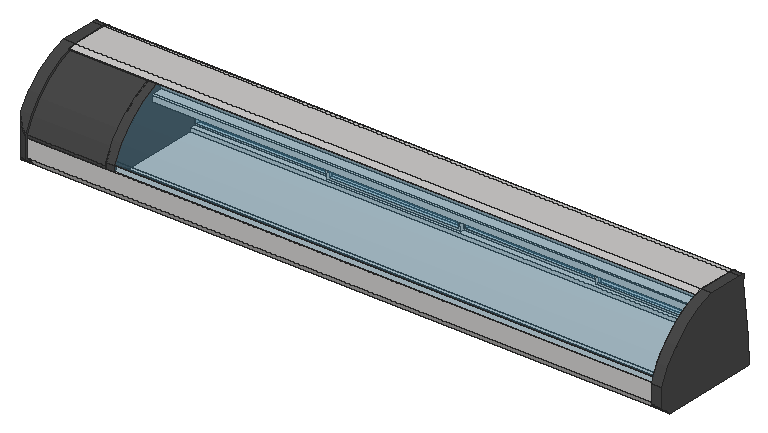
Revit family "QF_EVEREST_ESC83L", category Specialty Equipment, Revit 2015
Parameters (values of type "ESC83L")
  Weight in Pounds = 143
  Watts = if(Phase = 3, Volts * FL Amps * 1.73, Volts * FL Amps)  # 172.5 W
  Volts = 115 V
  URL Cutsheet = ""
  Specification by User = ""
  Specification by Manufacturer = ""
  Show Clearance [instance] = yes
  Show 4 Inches Back Splash [instance] = yes
  Serial Number = ""
  Seismic Rating = ""
  SMACNA No = ""
  Revision Code = ""
  Refrigerant Type [instance] = "R290"
  Phase = 1
  Number of Poles = 1
  NAFEM Spec ID Number = ""
  Model = "ESC83L"
  Min Ckt Ampacity = 0 A
  Max Overcurrent Protection = 0 A
  Masterspec = ""
  Manufacturer = "EVEREST"
  Length = 2100.00 mm
  Item Number = ""
  Installed By = ""
  Identify Quantity as Lot = yes
  Height = 283.00 mm
  HP = "1/8"
  Furnished By = ""
  Foodservice Equipment Identifier = yes
  FL Amps = 1.5 A
  Electrical Remarks = ""
  Electric Connection Type = ""
  Elec Conn RI Height = 0.00 mm
  Elec Conn Connection Height = 0.00 mm
  Description = "COUNTERTOP REFRIGERATED DISPLAY CASE"
  Depth = 349.00 mm
  Cycle = 60 Hz
  Conn Plug = "NEMA 5-15P"
  Conn Conduit = yes
  CSI MasterFormat = ""
  Base Height [instance] = if(Show 5 Inches Caster, 125.00 mm, 64.00 mm)  # 125.00 mm
  BTUH [instance] = 1211.0 Btu/h
  Apparent Power = if(Phase = 3, Volts * FL Amps * 1.73, Volts * FL Amps)  # 172.5 VA
  Show 5 Inches Caster [instance] = not(Show 2.5 Inches Caster)  # yes
  Show 2.5 Inches Caster [instance] = no
Reference planes
  plane 1 "BACK": y = 0
  plane 2: z = 0
  plane 3 "LEFT": x = 0
  plane 4 "RIGHT": x = 2100
  plane 5 "FRONT": y = -349
  plane 6 "TOP": z = 283
  plane 7 "Center Y": x = 1050
  plane 8 "Center X": y = -174.5
  plane 9: z = 8
  plane 10: z = 33
  plane 11: z = 95
  plane 12: y = -19
  plane 13: y = -149
  plane 14: x = 1192.75
  plane 15: x = 2065
  plane 16: x = 1628.875
  plane 17: x = 756.625
Forms (mm)
  Extrusion 1, solid, material "QF_Plastic - Black - Coarse Textured"
    sketch origin (0, 0, 0) x (0, 1, 0) y (0, 0, 1)
      loop
        line (0, 9.5) -> (0, 91.234) -> (-20.748, 259.241)
        arc (-20.748, 259.241) -> (-20.763, 259.811) -> (-20.671, 260.374) r 3
        arc (-20.671, 260.374) -> (-18.826, 269.44) -> (-18.029, 278.658) r 80.818
        arc (-18.029, 278.658) -> (-18.635, 280.519) -> (-20.285, 281.571) r 2.901
        arc (-20.285, 281.571) -> (-26.602, 282.642) -> (-33, 283) r 57.29
        line (-33, 283) -> (-149, 283)
        arc (-149, 283) -> (-271.831, 213.288) -> (-349, 95) r 299.198
        line (-349, 95) -> (-349, 34.921)
        arc (-349, 34.921) -> (-348.544, 33.304) -> (-347.311, 32.163) r 3.096
        arc (-347.311, 32.163) -> (-331.731, 21.751) -> (-319, 8) r 80
        line (-319, 8) -> (-1.5, 8)
        arc (-1.5, 8) -> (-0.439, 8.439) -> (0, 9.5) r 1.5
    from 0 to 35
  Extrusion 2, solid, material "QF_Plastic - Black - Coarse Textured"
    sketch origin (2100, 0, 0) x (0, -1, 0) y (0, 0, 1)
      loop
        arc (0, 9.5) -> (0.439, 8.439) -> (1.5, 8) r 1.5
        line (1.5, 8) -> (319, 8)
        arc (319, 8) -> (331.731, 21.751) -> (347.311, 32.163) r 80
        arc (347.311, 32.163) -> (348.544, 33.304) -> (349, 34.921) r 3.096
        line (349, 34.921) -> (349, 95)
        arc (349, 95) -> (271.831, 213.288) -> (149, 283) r 299.198
        line (149, 283) -> (33, 283)
        arc (33, 283) -> (26.602, 282.642) -> (20.285, 281.571) r 57.29
        arc (20.285, 281.571) -> (18.635, 280.519) -> (18.029, 278.658) r 2.901
        arc (18.029, 278.658) -> (18.826, 269.44) -> (20.671, 260.374) r 80.818
        arc (20.671, 260.374) -> (20.763, 259.811) -> (20.748, 259.241) r 3
        line (20.748, 259.241) -> (0, 91.234) -> (0, 9.5)
    from 0 to 35
  Extrusion 3, solid, material "QF_Metal - Stainless - Polished"
    sketch origin (35, 0, 0) x (0, 1, 0) y (0, 0, 1)
      loop
        line (0, 91.234) -> (-40, 91.234) -> (-40, 78.508) -> (-327.644, 78.508) -> (-327.644, 106) -> (-334.908, 110.194) -> (-342.65, 95) -> (-342.65, 36.888) -> (-319, 8) -> (-1.5, 8)
        arc (-1.5, 8) -> (-0.439, 8.439) -> (0, 9.5) r 1.5
        line (0, 9.5) -> (0, 91.234)
      loop
        line (-17.644, 234.109) -> (-20.748, 259.241)
        arc (-20.748, 259.241) -> (-20.763, 259.811) -> (-20.671, 260.374) r 3
        arc (-20.671, 260.374) -> (-18.826, 269.44) -> (-18.029, 278.658) r 80.818
        arc (-18.029, 278.658) -> (-18.635, 280.519) -> (-20.285, 281.571) r 2.901
        arc (-20.285, 281.571) -> (-26.602, 282.642) -> (-33, 283) r 57.29
        line (-33, 283) -> (-149, 283)
        arc (-149, 283) -> (-160.018, 279.626) -> (-170.898, 275.829) r 299.198
        line (-170.898, 275.829) -> (-155.26, 255.814) -> (-190.018, 255.814)
        arc (-190.018, 255.814) -> (-192.572, 254.756) -> (-193.63, 252.203) r 3.611
        line (-193.63, 252.203) -> (-193.63, 233.834) -> (-179.56, 225.711) -> (-65.271, 225.711) -> (-17.644, 234.109)
    from 0 to 2030
  Extrusion 4, solid, material "QF_Plastic - Black - Coarse Textured"
    sketch origin (285.5, 0, 0) x (0, 1, 0) y (0, 0, 1)
      loop
        line (-342.65, 111.411) -> (-342.65, 95) -> (-334.908, 110.194) -> (-327.644, 106) -> (-327.644, 78.508) -> (-40, 78.508) -> (-40, 91.234) -> (0, 91.234) -> (-17.644, 234.109) -> (-57.036, 227.163) -> (-65.618, 275.829) -> (-140.26, 275.829) -> (-140.26, 255.814) -> (-155.26, 255.814) -> (-170.898, 275.829)
        arc (-170.898, 275.829) -> (-273.807, 211.414) -> (-342.65, 111.411) r 299.198
    from 6.2 to 35
  Extrusion 5, solid, material "QF_Plastic - Black - Coarse Textured"
    sketch origin (35, 0, 0) x (0, 1, 0) y (0, 0, 1)
      loop
        line (-342.65, 102.954) -> (-342.65, 95) -> (-334.908, 110.194) -> (-327.644, 106) -> (-327.644, 78.508) -> (-40, 78.508) -> (-40, 91.234) -> (0, 91.234) -> (-17.644, 234.109) -> (-57.036, 227.163) -> (-65.618, 275.829) -> (-140.26, 275.829) -> (-140.26, 255.814) -> (-155.26, 255.814) -> (-168.842, 273.198)
        arc (-168.842, 273.198) -> (-274.045, 206.757) -> (-342.65, 102.954) r 296.018
    from 0 to 256.7
  Extrusion 6, solid, material "Glass"
    sketch origin (320.5, 0, 0) x (0, 1, 0) y (0, 0, 1)
      loop
        arc (-170.898, 275.829) -> (-273.807, 211.414) -> (-342.65, 111.411) r 299.198
        line (-342.65, 111.411) -> (-342.65, 95) -> (-334.908, 110.194) -> (-334.908, 120.991)
        arc (-334.908, 120.991) -> (-266.919, 213.509) -> (-168.842, 273.198) r 296.018
        line (-168.842, 273.198) -> (-170.898, 275.829)
    from 0 to 1744.5
  Revolve 7, solid, material "QF_Metal - Stainless - Polished"
    sketch origin (100, 0, 0) x (0, 1, 0) y (0, 0, 1)
      loop
        line (-305.48, 8) -> (-301.947, 1.881)
        arc (-301.947, 1.881) -> (-300.57, 0.504) -> (-298.689, 0) r 3.761
        line (-298.689, 0) -> (-286.813, 0) -> (-286.813, 8) -> (-305.48, 8)
      axis (-286.813, 0) -> (-286.813, 8)
    angle from 0 to 360
  Revolve 8, solid, material "QF_Metal - Stainless - Polished"
    sketch origin (100, 246.128, 0) x (0, 1, 0) y (0, 0, 1)
      loop
        line (-305.48, 8) -> (-301.947, 1.881)
        arc (-301.947, 1.881) -> (-300.57, 0.504) -> (-298.689, 0) r 3.761
        line (-298.689, 0) -> (-286.813, 0) -> (-286.813, 8) -> (-305.48, 8)
      axis (-286.813, 0) -> (-286.813, 8)
    angle from 0 to 360
  Revolve 9, solid, material "QF_Metal - Stainless - Polished"
    sketch origin (1050, 0, 0) x (0, 1, 0) y (0, 0, 1)
      loop
        line (-305.48, 8) -> (-301.947, 1.881)
        arc (-301.947, 1.881) -> (-300.57, 0.504) -> (-298.689, 0) r 3.761
        line (-298.689, 0) -> (-286.813, 0) -> (-286.813, 8) -> (-305.48, 8)
      axis (-286.813, 0) -> (-286.813, 8)
    angle from 0 to 360
  Revolve 10, solid, material "QF_Metal - Stainless - Polished"
    sketch origin (1050, 246.128, 0) x (0, 1, 0) y (0, 0, 1)
      loop
        line (-305.48, 8) -> (-301.947, 1.881)
        arc (-301.947, 1.881) -> (-300.57, 0.504) -> (-298.689, 0) r 3.761
        line (-298.689, 0) -> (-286.813, 0) -> (-286.813, 8) -> (-305.48, 8)
      axis (-286.813, 0) -> (-286.813, 8)
    angle from 0 to 360
  Extrusion 11, void
    sketch origin (0, 0, 0) x (1, 0, 0) y (0, 1, 0)
      loop
        line (0, -319) -> (-5, -319) -> (-5, -355.044) -> (55.13, -355.044) -> (55.13, -348.998)
        arc (55.13, -348.998) -> (29.399, -345.013) -> (6.576, -332.482) r 75.099
        arc (6.576, -332.482) -> (1.778, -326.477) -> (0, -319) r 17.583
      loop
        arc (2100, -319) -> (2098.222, -326.477) -> (2093.424, -332.482) r 17.583
        arc (2093.424, -332.482) -> (2070.601, -345.013) -> (2044.87, -348.998) r 75.099
        line (2044.87, -348.998) -> (2044.87, -355.044) -> (2105, -355.044) -> (2105, -319) -> (2100, -319)
    from 0 to 304.8
  Extrusion 12, solid, material "QF_Metal - Stainless - Polished"
    sketch origin (35, 0, 9.5) x (0, 0, 1) y (1, 0, 0)
      loop
        circle (44.754, 125.25) r 5
    from 0 to 6.35
  Extrusion 13, solid, material "QF_Metal - Stainless - Polished"
    sketch origin (2065, 0, 0) x (0, -1, 0) y (0, 0, 1)
      loop
        line (20, 91.234) -> (29.851, 91.234) -> (46.853, 228.959) -> (37.34, 230.636) -> (20, 91.234)
    from 872.25 to 1308.375
  Extrusion 14, solid, material "QF_Metal - Stainless - Polished"
    sketch origin (320.5, 0, 0) x (0, 1, 0) y (0, 0, 1)
      loop
        line (-20, 91.234) -> (-10.146, 91.234) -> (-27.828, 232.313) -> (-37.34, 230.636) -> (-20, 91.234)
    from 0 to 436.125
  Extrusion 15, void
    sketch origin (320.5, -27.828, 232.313) x (0, -0.12436, 0.992237) y (-1, 0, 0)
      loop
        line (-134.608, -442.475) -> (-134.608, -865.9) -> (-6.831, -865.9) -> (-6.831, -442.475) -> (-134.608, -442.475)
    from 0 to 31.919
  Extrusion 16, solid, material "Glass"
    sketch origin (2065, -37.34, 230.636) x (0, 0.123439, -0.992352) y (-1, 0, 0)
      loop
        line (134.126, 878.6) -> (134.126, 1302.025) -> (6.35, 1302.025) -> (6.35, 878.6) -> (134.126, 878.6)
    from 0 to -9.712
  Extrusion 17, solid, material "QF_Metal - Stainless - Polished"
    sketch origin (742.75, -17.567, 233.599) x (0, -0.992237, -0.12436) y (1, 0, 0)
      loop
        line (10.341, -417.364) -> (0.121, -417.364) -> (0.121, -409.364) -> (-1.879, -409.364) -> (-1.879, -419.364) -> (10.341, -419.364) -> (10.341, -417.364)
      loop
        line (20.118, 1317.68) -> (20.118, 1319.68) -> (6.648, 1319.68) -> (6.648, 1309.68) -> (8.648, 1309.68) -> (8.648, 1317.68) -> (20.118, 1317.68)
      loop
        line (10.341, 454.886) -> (0.121, 454.886) -> (0.121, 462.886) -> (-1.879, 462.886) -> (-1.879, 452.886) -> (10.341, 452.886) -> (10.341, 454.886)
      loop
        line (20.118, 445.43) -> (20.118, 447.43) -> (6.648, 447.43) -> (6.648, 437.43) -> (8.648, 437.43) -> (8.648, 445.43) -> (20.118, 445.43)
    from -42.344 to -98.382
  Extrusion 18, void
    sketch origin (320.5, -27.828, 232.313) x (0, -0.12436, 0.992237) y (-1, 0, 0)
      loop
        line (-6.35, -429.775) -> (-6.35, -6.35) -> (-135.833, -6.35) -> (-135.833, -429.775) -> (-6.35, -429.775)
    from 0 to 22
  Extrusion 19, solid, material "Glass"
    sketch origin (320.5, -27.828, 232.313) x (0, 0.12436, -0.992237) y (-1, 0, 0)
      loop
        line (135.833, -429.775) -> (135.833, -6.35) -> (6.35, -6.35) -> (6.35, -429.775) -> (135.833, -429.775)
    from 0 to -9.712
  Extrusion 20, solid, material "QF_Metal - Stainless - Polished", not visible
    sketch origin (2065, 0, 0) x (0, -1, 0) y (0, 0, 1)
      loop
        line (20, 91.234) -> (29.851, 91.234) -> (46.853, 228.959) -> (37.34, 230.636) -> (20, 91.234)
    from 872.25 to 1308.375
  Extrusion 21, solid, material "QF_Metal - Stainless - Polished", not visible
    sketch origin (320.5, 0, 0) x (0, 1, 0) y (0, 0, 1)
      loop
        line (-20, 91.234) -> (-10.146, 91.234) -> (-27.828, 232.313) -> (-37.34, 230.636) -> (-20, 91.234)
    from 0 to 436.125
  Extrusion 22, void, not visible
    sketch origin (320.5, -27.828, 232.313) x (0, -0.12436, 0.992237) y (-1, 0, 0)
      loop
        line (-134.608, -442.475) -> (-134.608, -865.9) -> (-6.831, -865.9) -> (-6.831, -442.475) -> (-134.608, -442.475)
    from 0 to 31.919
  Extrusion 23, solid, material "Glass", not visible
    sketch origin (2065, -37.34, 230.636) x (0, 0.123439, -0.992352) y (-1, 0, 0)
      loop
        line (134.126, 878.6) -> (134.126, 1302.025) -> (6.35, 1302.025) -> (6.35, 878.6) -> (134.126, 878.6)
    from 0 to -9.712
  Extrusion 24, void, not visible
    sketch origin (320.5, -27.828, 232.313) x (0, -0.12436, 0.992237) y (-1, 0, 0)
      loop
        line (-6.35, -429.775) -> (-6.35, -6.35) -> (-135.833, -6.35) -> (-135.833, -429.775) -> (-6.35, -429.775)
    from 0 to 22
  Extrusion 25, solid, material "Glass", not visible
    sketch origin (320.5, -27.828, 232.313) x (0, 0.12436, -0.992237) y (-1, 0, 0)
      loop
        line (135.833, -429.775) -> (135.833, -6.35) -> (6.35, -6.35) -> (6.35, -429.775) -> (135.833, -429.775)
    from 0 to -9.712
  Extrusion 26, solid, material "QF_Metal - Stainless - Polished"
    sketch origin (2937.25, 0, 0) x (0, -1, 0) y (0, 0, 1)
      loop
        line (20, 91.234) -> (29.851, 91.234) -> (46.853, 228.959) -> (37.34, 230.636) -> (20, 91.234)
    from 872.25 to 1308.375
  Extrusion 27, solid, material "QF_Metal - Stainless - Polished"
    sketch origin (1192.75, 0, 0) x (0, 1, 0) y (0, 0, 1)
      loop
        line (-20, 91.234) -> (-10.146, 91.234) -> (-27.828, 232.313) -> (-37.34, 230.636) -> (-20, 91.234)
    from 0 to 436.125
  Extrusion 28, void
    sketch origin (1192.75, -27.828, 232.313) x (0, -0.12436, 0.992237) y (-1, 0, 0)
      loop
        line (-134.608, -442.475) -> (-134.608, -865.9) -> (-6.831, -865.9) -> (-6.831, -442.475) -> (-134.608, -442.475)
    from 0 to 31.919
  Extrusion 29, solid, material "Glass"
    sketch origin (2937.25, -37.34, 230.636) x (0, 0.123439, -0.992352) y (-1, 0, 0)
      loop
        line (134.126, 878.6) -> (134.126, 1302.025) -> (6.35, 1302.025) -> (6.35, 878.6) -> (134.126, 878.6)
    from 0 to -9.712
  Extrusion 30, void
    sketch origin (1192.75, -27.828, 232.313) x (0, -0.12436, 0.992237) y (-1, 0, 0)
      loop
        line (-6.35, -429.775) -> (-6.35, -6.35) -> (-135.833, -6.35) -> (-135.833, -429.775) -> (-6.35, -429.775)
    from 0 to 22
  Extrusion 31, solid, material "Glass"
    sketch origin (1192.75, -27.828, 232.313) x (0, 0.12436, -0.992237) y (-1, 0, 0)
      loop
        line (135.833, -429.775) -> (135.833, -6.35) -> (6.35, -6.35) -> (6.35, -429.775) -> (135.833, -429.775)
    from 0 to -9.712
  Revolve 32, solid, material "QF_Metal - Stainless - Polished"
    sketch origin (2000, 0, 0) x (0, 1, 0) y (0, 0, -1)
      loop
        line (-305.48, -8) -> (-286.813, -8) -> (-286.813, 0) -> (-298.689, 0)
        arc (-298.689, 0) -> (-300.57, -0.504) -> (-301.947, -1.881) r 3.761
        line (-301.947, -1.881) -> (-305.48, -8)
      axis (-286.813, 0) -> (-286.813, -8)
    angle from 0 to 360
  Revolve 33, solid, material "QF_Metal - Stainless - Polished"
    sketch origin (2000, 246.128, 0) x (0, 1, 0) y (0, 0, -1)
      loop
        line (-305.48, -8) -> (-286.813, -8) -> (-286.813, 0) -> (-298.689, 0)
        arc (-298.689, 0) -> (-300.57, -0.504) -> (-301.947, -1.881) r 3.761
        line (-301.947, -1.881) -> (-305.48, -8)
      axis (-286.813, 0) -> (-286.813, -8)
    angle from 0 to 360
Cuts and joins
  Extrusion 11 cuts Extrusion 1
  Extrusion 11 cuts Extrusion 3
  Extrusion 11 cuts Extrusion 6
  Extrusion 15, Extrusion 28 cuts Extrusion 13
  Extrusion 18 cuts Extrusion 4
  Extrusion 18, Extrusion 30 cuts Extrusion 14
  Extrusion 18 cuts Extrusion 17
  Extrusion 28 cuts Extrusion 16
  Extrusion 28 cuts Extrusion 26
  Extrusion 30 cuts Extrusion 19
  Extrusion 30 cuts Extrusion 27
Lines and regions (mm)
  symbolic lines
    curve 1: line (0, 0, 0) -> (2100, 0, 0)
    curve 2: line (0, 0, 0) -> (0, -319, 0)
    curve 3: line (2047.848, -349, 0) -> (52.152, -349, 0)
    curve 4: arc (6.576, -332.482, 0) -> (1.778, -326.477, 0) -> (0, -319, 0) r 17.583
    curve 5: arc (52.152, -349, 0) -> (27.994, -344.52, 0) -> (6.576, -332.482, 0) r 75.099
    curve 6: line (35, -346.678, 0) -> (35, 0, 0)
    curve 7: line (35, -149, 0) -> (2065, -149, 0)
    curve 8: line (35, -170.898, 0) -> (2065, -170.898, 0)
    curve 9: line (291.7, -170.898, 0) -> (291.7, -342.65, 0)
    curve 10: line (320.5, -170.898, 0) -> (320.5, -342.65, 0)
    curve 11: line (35, -342.65, 0) -> (2065, -342.65, 0)
    curve 12: line (2100, 0, 0) -> (2100, -319, 0)
    curve 13: arc (2093.424, -332.482, 0) -> (2072.006, -344.52, 0) -> (2047.848, -349, 0) r 75.099
    curve 14: arc (2100, -319, 0) -> (2098.222, -326.477, 0) -> (2093.424, -332.482, 0) r 17.583
    curve 15: line (2065, 0, 0) -> (2065, -346.678, 0)
Dimensions and locks
  equal spacing: plane 3 "LEFT", plane 7 "Center Y", plane 4 "RIGHT"
  "Length": plane 3 "LEFT" to plane 4 "RIGHT"
  equal spacing: plane 5 "FRONT", plane 8 "Center X", plane 1 "BACK"
  "Depth": plane 5 "FRONT" to plane 1 "BACK"
  "Height": plane 6 "TOP" to plane 2
  plane 9 to plane 2 = 8.00 mm
  plane 10 to plane 9 = 25.00 mm
  plane 11 to plane 9 = 87.00 mm
  equal spacing: plane 14, plane 16, plane 15
  locked: cut or joined group of Extrusion 14, Extrusion 18, Extrusion 30 to cut or joined group of Extrusion 14, Extrusion 18, Extrusion 30 at 6.35
  aligned and locked: plane 2 to level
Automatic sketch dimensions
  Extrusion 13 sketch curve to Extrusion 13 sketch curve = 9.851 mm
  Extrusion 13 sketch curve to Extrusion 13 sketch curve = 9.513 mm
  Extrusion 13 sketch curve to Extrusion 13 sketch curve = 1.677 mm
  Extrusion 14 sketch curve to Extrusion 14 sketch curve = 9.512 mm
  Extrusion 14 sketch curve to Extrusion 14 sketch curve = 9.854 mm
  Extrusion 15 sketch curve to Extrusion 14 = 7.575 mm
  Extrusion 15 sketch curve to Extrusion 14 = 6.831 mm
  Extrusion 14 to Extrusion 15 sketch curve = 429.775 mm
  Extrusion 14 to Extrusion 15 sketch curve = 6.35 mm
  Extrusion 13 to Extrusion 16 sketch curve = 6.35 mm  (x4)
  Extrusion 18 sketch curve to Extrusion 14 = 6.35 mm  (x4)
  Extrusion 14 to Extrusion 19 sketch curve = 6.35 mm  (x4)
  Extrusion 13 sketch curve to Extrusion 13 sketch curve = 7.489 mm
  Extrusion 13 sketch curve to Extrusion 13 sketch curve = 137.725 mm
  Extrusion 14 sketch curve to Extrusion 14 sketch curve = 17.34 mm
  Extrusion 14 sketch curve to Extrusion 14 sketch curve = 139.402 mm
  Extrusion 14 sketch curve to Extrusion 14 sketch curve = 1.677 mm
  Extrusion 20 sketch curve to Extrusion 20 sketch curve = 9.851 mm
  Extrusion 20 sketch curve to Extrusion 20 sketch curve = 9.513 mm
  Extrusion 20 sketch curve to Extrusion 20 sketch curve = 1.677 mm
  Extrusion 21 sketch curve to Extrusion 21 sketch curve = 9.512 mm
  Extrusion 21 sketch curve to Extrusion 21 sketch curve = 9.854 mm
  Extrusion 22 sketch curve to Extrusion 21 = 7.575 mm
  Extrusion 22 sketch curve to Extrusion 21 = 6.831 mm
  Extrusion 21 to Extrusion 22 sketch curve = 429.775 mm
  Extrusion 21 to Extrusion 22 sketch curve = 6.35 mm
  Extrusion 20 to Extrusion 23 sketch curve = 6.35 mm  (x4)
  Extrusion 24 sketch curve to Extrusion 21 = 6.35 mm  (x4)
  Extrusion 21 to Extrusion 25 sketch curve = 6.35 mm  (x4)
  Extrusion 20 sketch curve to Extrusion 20 sketch curve = 7.489 mm
  Extrusion 20 sketch curve to Extrusion 20 sketch curve = 137.725 mm
  Extrusion 21 sketch curve to Extrusion 21 sketch curve = 17.34 mm
  Extrusion 21 sketch curve to Extrusion 21 sketch curve = 139.402 mm
  Extrusion 21 sketch curve to Extrusion 21 sketch curve = 1.677 mm
  curve 4 to plane 3 "LEFT" = 0.00 mm
  curve 7 to plane 13 = 0.00 mm
  plane 5 "FRONT" to curve 5 = 0.00 mm
  curve 15 to plane 15 = 0.00 mm
  plane 1 "BACK" to curve 12 = 0.00 mm
  curve 12 to plane 4 "RIGHT" = 0.00 mm
  plane 3 "LEFT" to curve 4 = 17.582 mm
  curve 4 to curve 3 = 34.57 mm
  plane 3 "LEFT" to curve 5 = 53.583 mm
  plane 15 to curve 13 = 18.583 mm
  plane 15 to curve 3 = 17.152 mm
  curve 14 to plane 15 = 17.418 mm
  curve 12 to plane 5 "FRONT" = 30.00 mm
  curve 2 to plane 5 "FRONT" = 30.00 mm
  curve 2 to curve 4 = 0.231 mm
  curve 14 to curve 14 = 0.231 mm
  curve 4 to curve 5 = 44.855 mm
  curve 14 to curve 13 = 44.855 mm
  plane 8 "Center X" to curve 8 = 3.602 mm
  plane 3 "LEFT" to curve 8 = 35.00 mm
  curve 9 to plane 5 "FRONT" = 6.35 mm
  curve 5 to curve 9 = 239.548 mm
  curve 9 to curve 10 = 28.80 mm
  curve 8 to plane 14 = 872.25 mm
  curve 8 to curve 7 = 0.00 mm
  Extrusion 1 sketch curve to plane 5 "FRONT" = 0.00 mm
  Extrusion 1 sketch curve to plane 9 = 0.00 mm
  Extrusion 1 sketch curve to plane 6 "TOP" = 0.00 mm
  Extrusion 1 sketch curve to plane 13 = 0.00 mm
  Extrusion 1 sketch curve to plane 1 "BACK" = 0.00 mm
  Extrusion 1 sketch curve to plane 11 = 0.00 mm
  plane 5 "FRONT" to Extrusion 1 sketch curve = 34.666 mm
  Extrusion 1 sketch curve to Extrusion 1 sketch curve = 3.096 mm
  Extrusion 1 sketch curve to plane 5 "FRONT" = 30.00 mm
  Extrusion 1 sketch curve to plane 6 "TOP" = 2.00 mm
  plane 13 to Extrusion 1 sketch curve = 50.187 mm
  Extrusion 1 sketch curve to level = 4.716 mm
  Extrusion 1 sketch curve to plane 12 = 14.00 mm
  Extrusion 1 sketch curve to plane 12 = 1.928 mm
  Extrusion 1 sketch curve to plane 12 = 1.748 mm
  plane 12 to Extrusion 1 sketch curve = 1.23 mm
  plane 1 "BACK" to Extrusion 1 sketch curve = 1.50 mm
  Extrusion 1 sketch curve to level = 39.099 mm
  plane 10 to Extrusion 1 sketch curve = 1.921 mm
  Extrusion 1 sketch curve to plane 11 = 3.766 mm
  Extrusion 1 sketch curve to Extrusion 1 sketch curve = 57.29 mm
  Extrusion 1 sketch curve to plane 6 "TOP" = 23.759 mm
  Extrusion 1 sketch curve to Extrusion 1 sketch curve = 0.368 mm
  Extrusion 1 sketch curve to plane 6 "TOP" = 4.258 mm
  Extrusion 1 sketch curve to Extrusion 1 sketch curve = 0.00 mm  (x2)
  Extrusion 2 sketch curve to plane 1 "BACK" = 0.00 mm
  Extrusion 2 sketch curve to plane 9 = 0.00 mm
  Extrusion 2 sketch curve to plane 6 "TOP" = 0.00 mm
  Extrusion 2 sketch curve to plane 13 = 0.00 mm
  Extrusion 2 sketch curve to plane 5 "FRONT" = 0.00 mm
  Extrusion 2 sketch curve to plane 11 = 0.00 mm
  Extrusion 2 sketch curve to Extrusion 2 sketch curve = 1.50 mm
  plane 12 to Extrusion 2 sketch curve = 1.23 mm
  Extrusion 2 sketch curve to plane 12 = 1.748 mm
  Extrusion 2 sketch curve to plane 12 = 1.928 mm
  Extrusion 2 sketch curve to plane 12 = 14.00 mm
  Extrusion 2 sketch curve to level = 4.716 mm
  Extrusion 2 sketch curve to plane 6 "TOP" = 2.00 mm
  plane 13 to Extrusion 2 sketch curve = 50.187 mm
  Extrusion 2 sketch curve to plane 5 "FRONT" = 30.00 mm
  Extrusion 2 sketch curve to Extrusion 2 sketch curve = 3.096 mm
  plane 5 "FRONT" to Extrusion 2 sketch curve = 34.666 mm
  Extrusion 2 sketch curve to level = 39.099 mm
  plane 10 to Extrusion 2 sketch curve = 1.921 mm
  Extrusion 2 sketch curve to plane 11 = 3.766 mm
  Extrusion 2 sketch curve to Extrusion 2 sketch curve = 57.29 mm
  Extrusion 2 sketch curve to plane 6 "TOP" = 23.759 mm
  Extrusion 2 sketch curve to Extrusion 2 sketch curve = 0.368 mm
  Extrusion 2 sketch curve to plane 6 "TOP" = 4.258 mm
  plane 12 to Extrusion 2 sketch curve = 0.971 mm
  Extrusion 2 sketch curve to Extrusion 2 sketch curve = 0.00 mm
  Extrusion 3 sketch curve to Extrusion 1 = 0.00 mm  (x2)
  Extrusion 3 sketch curve to Extrusion 1 = 27.186 mm
  Extrusion 3 sketch curve to Extrusion 3 sketch curve = 6.26 mm
  Extrusion 3 sketch curve to Extrusion 1 = 7.171 mm
  Extrusion 3 sketch curve to Extrusion 3 sketch curve = 24.30 mm
  Extrusion 3 sketch curve to Extrusion 3 sketch curve = 19.121 mm
  Extrusion 3 sketch curve to Extrusion 3 sketch curve = 3.611 mm
  Extrusion 3 sketch curve to Extrusion 1 = 30.00 mm
  Extrusion 3 sketch curve to Extrusion 1 = 21.356 mm
  Extrusion 3 sketch curve to Extrusion 3 sketch curve = 7.264 mm
  Extrusion 3 sketch curve to Extrusion 1 = 6.35 mm
  Extrusion 3 sketch curve to Extrusion 3 sketch curve = 32.271 mm
  Extrusion 3 sketch curve to Extrusion 1 = 40.00 mm
  Extrusion 3 sketch curve to Extrusion 3 sketch curve = 0.077 mm
  Extrusion 3 sketch curve to Extrusion 3 sketch curve = 15.356 mm
  Extrusion 3 sketch curve to Extrusion 1 = 28.888 mm
  Extrusion 3 sketch curve to Extrusion 3 sketch curve = 41.62 mm
  Extrusion 3 sketch curve to Extrusion 3 sketch curve = 16.492 mm
  Extrusion 3 sketch curve to Extrusion 3 sketch curve = 11.00 mm
  Extrusion 3 sketch curve to Extrusion 3 sketch curve = 4.194 mm
  Extrusion 3 sketch curve to Extrusion 3 sketch curve = 26.491 mm
  Extrusion 3 sketch curve to Extrusion 3 sketch curve = 8.123 mm
  Extrusion 4 sketch curve to plane 11 = 0.00 mm
  Extrusion 4 sketch curve to plane 1 "BACK" = 0.00 mm
  plane 12 to Extrusion 4 sketch curve = 1.356 mm
  Extrusion 4 sketch curve to plane 11 = 3.766 mm
  Extrusion 4 sketch curve to plane 12 = 21.00 mm
  Extrusion 4 sketch curve to plane 12 = 38.036 mm
  Extrusion 4 sketch curve to plane 6 "TOP" = 7.171 mm
  Extrusion 4 sketch curve to plane 12 = 46.618 mm
  Extrusion 4 sketch curve to level = 4.716 mm
  Extrusion 4 sketch curve to plane 12 = 47.907 mm
  plane 13 to Extrusion 4 sketch curve = 8.74 mm
  Extrusion 4 sketch curve to plane 13 = 6.26 mm
  plane 8 "Center X" to Extrusion 4 sketch curve = 3.602 mm
  Extrusion 4 sketch curve to plane 5 "FRONT" = 21.356 mm
  Extrusion 4 sketch curve to Extrusion 4 sketch curve = 7.264 mm
  Extrusion 4 sketch curve to plane 5 "FRONT" = 6.35 mm
  Extrusion 4 sketch curve to plane 11 = 16.492 mm
  plane 11 to Extrusion 4 sketch curve = 11.00 mm
  Extrusion 4 sketch curve to Extrusion 4 sketch curve = 4.194 mm
  Extrusion 4 sketch curve to Extrusion 4 sketch curve = 1.218 mm
  Extrusion 4 sketch curve to Extrusion 4 sketch curve = 48.666 mm
  Extrusion 4 sketch curve to Extrusion 4 sketch curve = 20.015 mm
  Extrusion 5 sketch curve to Extrusion 1 = 0.00 mm  (x3)
  Extrusion 5 sketch curve to Extrusion 1 = 27.186 mm
  Extrusion 5 sketch curve to Extrusion 1 = 140.26 mm
  Extrusion 5 sketch curve to Extrusion 5 sketch curve = 15.00 mm
  Extrusion 5 sketch curve to Extrusion 1 = 9.802 mm
  Extrusion 5 sketch curve to Extrusion 1 = 21.356 mm
  Extrusion 5 sketch curve to Extrusion 5 sketch curve = 7.264 mm
  Extrusion 5 sketch curve to Extrusion 1 = 6.35 mm
  Extrusion 5 sketch curve to Extrusion 1 = 7.171 mm
  Extrusion 5 sketch curve to Extrusion 1 = 65.618 mm
  Extrusion 5 sketch curve to Extrusion 5 sketch curve = 8.581 mm
  Extrusion 5 sketch curve to Extrusion 1 = 40.00 mm
  Extrusion 5 sketch curve to Extrusion 1 = 17.644 mm
  Extrusion 5 sketch curve to Extrusion 5 sketch curve = 12.726 mm
  Extrusion 5 sketch curve to Extrusion 5 sketch curve = 7.954 mm
  Extrusion 5 sketch curve to Extrusion 5 sketch curve = 3.046 mm
  Extrusion 5 sketch curve to Extrusion 5 sketch curve = 4.194 mm
  Extrusion 6 sketch curve to Extrusion 4 = 0.00 mm  (x5)
  Extrusion 4 to Extrusion 6 sketch curve = 0.00 mm
  Revolve 7 sketch curve to plane 9 = 0.00 mm
  Revolve 7 sketch curve to level = 0.00 mm
  Revolve 7 sketch curve to plane 5 "FRONT" = 43.52 mm
  level to Revolve 7 sketch curve = 1.881 mm
  Revolve 7 sketch curve to Revolve 7 sketch curve = 3.533 mm
  level to Revolve 7 sketch curve = 3.761 mm
  Revolve 7 sketch curve to Revolve 7 sketch curve = 11.876 mm
  Revolve 7 sketch curve to Revolve 7 sketch curve = 0.00 mm
  plane 9 to Revolve 7 sketch curve = 2.06 mm
  Revolve 7 sketch curve to Revolve 7 sketch curve = 2.108 mm
  Revolve 8 sketch curve to plane 9 = 0.00 mm
  Revolve 8 sketch curve to level = 0.00 mm
  Revolve 8 sketch curve to plane 12 = 40.351 mm
  level to Revolve 8 sketch curve = 1.881 mm
  Revolve 8 sketch curve to Revolve 8 sketch curve = 3.533 mm
  Revolve 8 sketch curve to Revolve 8 sketch curve = 3.257 mm
  Revolve 8 sketch curve to Revolve 8 sketch curve = 11.876 mm
  Revolve 8 sketch curve to Revolve 8 sketch curve = 0.00 mm
  plane 9 to Revolve 8 sketch curve = 2.06 mm
  Revolve 8 sketch curve to Revolve 8 sketch curve = 2.108 mm
  Revolve 9 sketch curve to plane 9 = 0.00 mm
  Revolve 9 sketch curve to level = 0.00 mm
  Revolve 9 sketch curve to plane 5 "FRONT" = 43.52 mm
  level to Revolve 9 sketch curve = 1.881 mm
  Revolve 9 sketch curve to Revolve 9 sketch curve = 3.533 mm
  level to Revolve 9 sketch curve = 3.761 mm
  Revolve 9 sketch curve to Revolve 9 sketch curve = 11.876 mm
  Revolve 9 sketch curve to Revolve 9 sketch curve = 0.00 mm
  plane 9 to Revolve 9 sketch curve = 2.06 mm
  Revolve 9 sketch curve to Revolve 9 sketch curve = 2.108 mm
  Revolve 10 sketch curve to plane 9 = 0.00 mm
  Revolve 10 sketch curve to level = 0.00 mm
  Revolve 10 sketch curve to plane 12 = 40.351 mm
  level to Revolve 10 sketch curve = 1.881 mm
  Revolve 10 sketch curve to Revolve 10 sketch curve = 3.533 mm
  level to Revolve 10 sketch curve = 3.761 mm
  Revolve 10 sketch curve to Revolve 10 sketch curve = 11.876 mm
  Revolve 10 sketch curve to Revolve 10 sketch curve = 0.00 mm
  plane 9 to Revolve 10 sketch curve = 2.06 mm
  Revolve 10 sketch curve to Revolve 10 sketch curve = 2.108 mm
  Extrusion 11 sketch curve to plane 3 "LEFT" = 0.00 mm
  Extrusion 11 sketch curve to plane 4 "RIGHT" = 0.00 mm
  Extrusion 11 sketch curve to plane 3 "LEFT" = 5.00 mm
  plane 3 "LEFT" to Extrusion 11 sketch curve = 17.582 mm
  plane 3 "LEFT" to Extrusion 11 sketch curve = 53.583 mm
  plane 5 "FRONT" to Extrusion 11 sketch curve = 6.044 mm  (x2)
  Extrusion 11 sketch curve to Extrusion 11 sketch curve = 37.549 mm
  Extrusion 11 sketch curve to plane 5 "FRONT" = 0.002 mm  (x2)
  plane 15 to Extrusion 11 sketch curve = 20.13 mm
  plane 15 to Extrusion 11 sketch curve = 18.583 mm
  Extrusion 11 sketch curve to plane 15 = 17.418 mm
  Extrusion 11 sketch curve to plane 4 "RIGHT" = 5.00 mm
  Extrusion 11 sketch curve to plane 5 "FRONT" = 30.00 mm  (x2)
  Extrusion 11 sketch curve to Extrusion 11 sketch curve = 0.231 mm  (x2)
  Extrusion 11 sketch curve to Extrusion 11 sketch curve = 44.855 mm  (x2)
  Extrusion 12 sketch curve to Extrusion 3 = 36.98 mm
  Extrusion 3 to Extrusion 12 sketch curve = 125.25 mm
  Extrusion 17 sketch curve to plane 14 = 12.886 mm
  plane 3 "LEFT" to Extrusion 17 sketch curve = 323.386 mm
  Extrusion 17 sketch curve to Extrusion 17 sketch curve = 0.00 mm
  Extrusion 17 sketch curve to Extrusion 17 sketch curve = 2.00 mm  (x8)
  plane 15 to Extrusion 17 sketch curve = 12.57 mm
  Extrusion 17 sketch curve to Extrusion 17 sketch curve = 6.527 mm
  Extrusion 17 sketch curve to Extrusion 17 sketch curve = 8.527 mm
  Extrusion 17 sketch curve to plane 14 = 2.886 mm
  Extrusion 17 sketch curve to Extrusion 17 sketch curve = 3.693 mm
  Extrusion 17 sketch curve to Extrusion 17 sketch curve = 10.22 mm
  plane 14 to Extrusion 17 sketch curve = 2.57 mm
  Extrusion 17 sketch curve to Extrusion 17 sketch curve = 9.777 mm
  plane 15 to Extrusion 17 sketch curve = 4.57 mm
  Extrusion 17 sketch curve to Extrusion 17 sketch curve = 11.47 mm
  Extrusion 17 sketch curve to Extrusion 17 sketch curve = 8.00 mm
  Extrusion 17 sketch curve to Extrusion 17 sketch curve = 10.00 mm
  Extrusion 26 sketch curve to plane 12 = 1.00 mm
  Extrusion 26 sketch curve to plane 11 = 3.766 mm
  Extrusion 26 sketch curve to Extrusion 26 sketch curve = 9.851 mm
  Extrusion 26 sketch curve to plane 12 = 18.34 mm
  Extrusion 26 sketch curve to Extrusion 26 sketch curve = 9.513 mm
  Extrusion 26 sketch curve to plane 6 "TOP" = 54.041 mm
  Extrusion 26 sketch curve to Extrusion 26 sketch curve = 1.677 mm
  Extrusion 27 sketch curve to plane 12 = 18.34 mm
  Extrusion 27 sketch curve to plane 12 = 8.828 mm
  Extrusion 27 sketch curve to plane 12 = 1.00 mm
  Extrusion 27 sketch curve to plane 11 = 3.766 mm
  plane 12 to Extrusion 27 sketch curve = 8.854 mm
  Extrusion 27 sketch curve to plane 6 "TOP" = 52.364 mm
  Extrusion 27 sketch curve to Extrusion 27 sketch curve = 1.677 mm
  Extrusion 28 sketch curve to Extrusion 27 = 7.575 mm
  Extrusion 28 sketch curve to Extrusion 27 = 6.831 mm
  Extrusion 27 to Extrusion 28 sketch curve = 429.775 mm
  Extrusion 27 to Extrusion 28 sketch curve = 6.35 mm
  Extrusion 26 to Extrusion 29 sketch curve = 6.35 mm  (x4)
  Extrusion 30 sketch curve to Extrusion 27 = 6.35 mm  (x4)
  Extrusion 27 to Extrusion 31 sketch curve = 6.35 mm  (x4)
  plane 9 to Revolve 32 sketch curve = 0.00 mm
  Revolve 32 sketch curve to level = 0.00 mm
  Revolve 32 sketch curve to plane 5 "FRONT" = 43.52 mm
  level to Revolve 32 sketch curve = 1.881 mm
  Revolve 32 sketch curve to Revolve 32 sketch curve = 3.533 mm
  level to Revolve 32 sketch curve = 3.761 mm
  Revolve 32 sketch curve to Revolve 32 sketch curve = 11.876 mm
  Revolve 32 sketch curve to Revolve 32 sketch curve = 0.00 mm
  plane 9 to Revolve 32 sketch curve = 2.06 mm
  Revolve 32 sketch curve to Revolve 32 sketch curve = 2.108 mm
  Revolve 33 sketch curve to plane 9 = 0.00 mm
  Revolve 33 sketch curve to level = 0.00 mm
  Revolve 33 sketch curve to plane 12 = 40.351 mm
  level to Revolve 33 sketch curve = 1.881 mm
  Revolve 33 sketch curve to Revolve 33 sketch curve = 3.533 mm
  Revolve 33 sketch curve to Revolve 33 sketch curve = 3.257 mm
  Revolve 33 sketch curve to Revolve 33 sketch curve = 11.876 mm
  Revolve 33 sketch curve to Revolve 33 sketch curve = 0.00 mm
  plane 9 to Revolve 33 sketch curve = 2.06 mm
  Revolve 33 sketch curve to Revolve 33 sketch curve = 2.108 mm
  radius of Extrusion 3 sketch curve to Extrusion 1 = 0.00 mm  (x6)
  radius of Extrusion 5 sketch curve to Extrusion 1 = 3.18 mm
  radius of Extrusion 6 sketch curve to Extrusion 4 = 0.00 mm
  radius of Extrusion 6 sketch curve to Extrusion 4 = 3.18 mm
  radius of Extrusion 12 sketch curve = 5.00 mm
Connectors
  electrical at (160.25, 6.35, 54.254), driven by "Volts", driven by "Watts"
    settings: on Extrusion 12, index 4, voltage 115 V, apparent load 172.5 VA, apparent load phase1 0 VA, apparent load phase2 0 VA, apparent load phase3 0 VA, power factor 1, load classification "Other", number of poles 1, system type 30, power factor state 1, is connector primary yes, connector utility no, sub classification motor no, connector description "ELECTRICAL CONNECTION"
